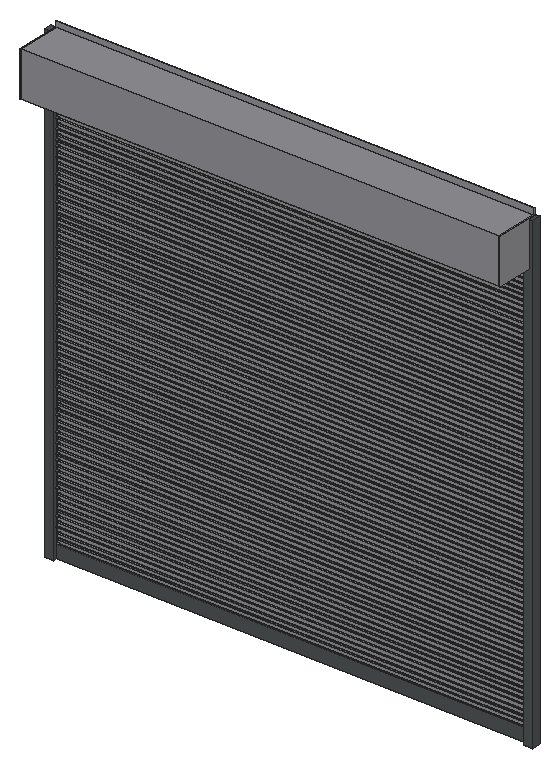
Revit family "Doors_Industrial_Overhead-Door-Corporation_Counter-Doors-650_", category Specialty Equipment, host Wall, Revit 2019 (continued)
Definition of nested family "Motor"
  Forms (in)
    Extrusion 1, solid, material <- "Main Material", visible <- "Wall Mount"
      sketch origin (0, 0, 18.8898) x (1, 0, 0) y (0, 1, 0)
        loop
          arc (3.108, -2.29347) -> (3.02315, -2.25832) -> (2.988, -2.17347) r 0.12
          line (2.988, -2.17347) -> (2.988, 4.96193) -> (-2.988, 4.96193) -> (-2.988, -2.17347)
          arc (-2.988, -2.17347) -> (-3.02315, -2.25832) -> (-3.108, -2.29347) r 0.12
          line (-3.108, -2.29347) -> (-4.134, -2.29347) -> (-4.134, -2.41307)
      from -16.64 to 0
    Extrusion 2, solid, material <- "Main Material", visible <- "Wall Mount"
      sketch origin (0, 0, 18.8898) x (1, 0, 0) y (0, 1, 0)
        loop
          line (-4.134, -2.41307) -> (-4.134, -5.05565) -> (-4.3324, -5.05565) -> (-4.3324, -5.3122)
          arc (-4.3324, -5.3122) -> (-4.24466, -5.55085) -> (-4.02324, -5.67585) r 0.36846
          arc (-4.02324, -5.67585) -> (0, -6.0017) -> (4.02324, -5.67585) r 25
          arc (4.02324, -5.67585) -> (4.24466, -5.55085) -> (4.3324, -5.3122) r 0.36846
          line (4.3324, -5.3122) -> (4.3324, -5.05565) -> (4.116, -5.05565) -> (4.116, -2.41307) -> (-4.134, -2.41307)
      from -17 to 0.35839
    Revolve 3, solid, material <- "Main Material", visible <- "Wall Mount RSX"
      sketch origin (2.0828, 5.66524, 0) x (0, -1, 0) y (1, 0, 0)
        loop
          line (5.66524, -9.0813) -> (5.66524, 3.1162) -> (4.82413, 3.1162) -> (4.82413, 2.7162) -> (4.39283, 2.7162) -> (4.39283, 2.4872) -> (2.50257, 2.4872) -> (2.50257, -6.6585) -> (3.79863, -6.6585) -> (3.79863, -7.51105) -> (3.89778, -7.6102) -> (5.36033, -7.6102) -> (5.36033, -7.8313) -> (4.69783, -7.8313) -> (4.69783, -9.0813) -> (5.66524, -9.0813)
        axis (5.66524, -9.0813) -> (5.66524, 3.1162)
      angle from 0 to 360
    Extrusion 4, solid, material <- "Main Material", visible <- "Wall Mount"
      sketch origin (0, 0, 18.8898) x (1, 0, 0) y (0, 1, 0)
        loop
          line (-2.988, 5.08193) -> (-4.988, 5.08193) -> (-4.988, 4.96193) -> (-3.108, 4.96193) -> (-3.108, 1.46193) -> (-2.988, 1.46193) -> (-2.988, 5.08193)
        loop
          line (2.988, 5.08193) -> (2.988, 1.46193) -> (3.108, 1.46193) -> (3.108, 4.96193) -> (4.988, 4.96193) -> (4.988, 5.08193) -> (2.988, 5.08193)
      from -16.64 to 1.14
    Extrusion 5, solid, material <- "Main Material", visible <- "Wall Mount"
      sketch origin (0, 0.00141, 3.59957) x (0, 0, 1) y (0, -1, 0)
        loop
          circle (2.15043, 0.00141) r 3
      from 7.52 to 7.2495
    Sweep 6, solid, material <- "Main Material", visible <- "Wall Mount"
      path origin (7.38475, 9.53, 48) x (0, 1, 0) y (0, 0, 1)
        loop
          line (-12.53, -42.25) -> (-12.53, -128)
          arc (-12.53, -128) -> (-9.53, -131) -> (-6.53, -128) r 3
          line (-6.53, -128) -> (-6.53, -42.25)
      profile origin (7.38475, -3, -37.125) x (1, 0, 0) y (0, 1, 0)
        loop
          circle (0, 0.1) r 0.1
    Extrusion 7, solid, material <- "Main Material", visible <- "Wall Mount"
      sketch origin (0, 0.00141, 3.59957) x (0, 0, 1) y (0, -1, 0)
        loop
          circle (2.15043, 0.00141) r 0.4
      from 8.82 to 0
    Extrusion 8, solid, material <- "Hood Material", visible <- "CDX"
      sketch origin (2.988, 0, 5.75) x (0, -1, 0) y (1, 0, 0)
        loop
          line (12, -10.57168) -> (12, 2.55332) -> (-4.7, 2.55332) -> (-4.7, 0.0015) -> (2, 0.0015) -> (2, -10.57168) -> (12, -10.57168)
      from 4.88 to -4.88
    Extrusion 9, solid, material <- "Main Material", visible <- "Crank"
      sketch origin (2.9895, 5.75, 5.75) x (0, 0, -1) y (0, -1, 0)
        loop
          line (-1.66535, -2.15748) -> (1.66535, -2.15748)
          arc (1.66535, -2.15748) -> (2.01891, -2.01103) -> (2.16535, -1.65748) r 0.5
          line (2.16535, -1.65748) -> (2.16535, 0.00787)
          arc (2.16535, 0.00787) -> (1.99476, 0.85032) -> (1.50984, 1.56001) r 2.16535
          line (1.50984, 1.56001) -> (1.50984, 2.29685)
          arc (1.50984, 2.29685) -> (1.43662, 2.47363) -> (1.25984, 2.54685) r 0.25
          line (1.25984, 2.54685) -> (0.24999, 3.12987)
          arc (0.24999, 3.12987) -> (0, 3.19685) -> (-0.24999, 3.12987) r 0.5
          line (-0.24999, 3.12987) -> (-1.25984, 2.54685)
          arc (-1.25984, 2.54685) -> (-1.43662, 2.47363) -> (-1.50984, 2.29685) r 0.25
          line (-1.50984, 2.29685) -> (-1.50984, 1.56001)
          arc (-1.50984, 1.56001) -> (-1.99476, 0.85032) -> (-2.16535, 0.00787) r 2.16535
          line (-2.16535, 0.00787) -> (-2.16535, -1.65748)
          arc (-2.16535, -1.65748) -> (-2.01891, -2.01103) -> (-1.66535, -2.15748) r 0.5
      from 0 to -0.5
    Extrusion 10, solid, material <- "Main Material", visible <- "Crank"
      sketch origin (2.9895, 5.75, 5.75) x (0, 0, -1) y (0, -1, 0)
        loop
          line (1.50984, 1.56001) -> (1.50984, 2.29685)
          arc (1.50984, 2.29685) -> (1.43662, 2.47363) -> (1.25984, 2.54685) r 0.25
          line (1.25984, 2.54685) -> (-1.25984, 2.54685)
          arc (-1.25984, 2.54685) -> (-1.43662, 2.47363) -> (-1.50984, 2.29685) r 0.25
          line (-1.50984, 2.29685) -> (-1.50984, 1.56001)
          arc (-1.50984, 1.56001) -> (0, -2.15748) -> (1.50984, 1.56001) r 2.16535
      from 0 to -2
    Extrusion 11, solid, material <- "Main Material", visible <- "Crank"
      sketch origin (2.9895, 4.76161, 5.75) x (0, 1, 0) y (-1, 0, 0)
        loop
          circle (-0.94004, -1.01792) r 0.24
      from 1.5 to -10.5
    Extrusion 12, solid, material <- "Main Material", visible <- "Crank"
      sketch origin (2.9895, 5.75, 5.75) x (0, 1, 0) y (0, 0, -1)
        loop
          line (-2.04434, 10.46875) -> (-1.81142, 10.46875)
          arc (-1.81142, 10.46875) -> (-1.63464, 10.54197) -> (-1.56142, 10.71875) r 0.25
          line (-1.56142, 10.71875) -> (-1.56142, 11.53125)
          arc (-1.56142, 11.53125) -> (-1.63464, 11.70803) -> (-1.81142, 11.78125) r 0.25
          line (-1.81142, 11.78125) -> (-2.04434, 11.78125)
          arc (-2.04434, 11.78125) -> (-2.22112, 11.70803) -> (-2.29434, 11.53125) r 0.25
          line (-2.29434, 11.53125) -> (-2.29434, 10.71875)
          arc (-2.29434, 10.71875) -> (-2.22112, 10.54197) -> (-2.04434, 10.46875) r 0.25
      from -1.26284 to -0.77978
    Extrusion 13, solid, not visible
      sketch origin (2.9895, -24.70572, 48) x (0, -1, 0) y (0, 0, 1)
        loop
          circle (-30.45572, -42.25) r 0.5
      from 0.5 to 0 <- "Connector MP"
  Cuts and joins
    joined: Extrusion 9, Extrusion 10, Extrusion 11
  Lines and regions (in)
    Masking region 1, visible <- "CDX"
      outline origin (0, 0, 0) x (1, 0, 0) y (0, 1, 0)
        loop
          line (-7.58368, -2) -> (-7.58368, -12) -> (5.54132, -12) -> (5.54132, 4.7) -> (2.9895, 4.7) -> (2.9895, -2) -> (-7.58368, -2)
    Masking region 2, visible <- "Crank"
      outline origin (2.9895, 5.75, 5.75) x (0, 1, 0) y (-1, 0, 0)
        loop
          line (2.15748, 0) -> (-3.1963, 0) -> (-3.1963, -0.5) -> (-2.54685, -0.5) -> (-2.54685, -2) -> (2.15748, -2) -> (2.15748, 0)
    reference lines
      curve 1: line (0, 0, 0) -> (0, 0, 18.8898)
      curve 2: line (2.9895, 5.75, 5.75) -> (2.9895, 6.5, 5.75)
    symbolic lines, visible <- "Crank"
      curve 3: line (2.9895, 4.18999, 5.75) -> (4.9895, 4.18999, 5.75)
      curve 4: line (2.9895, 3.20315, 5.75) -> (3.4895, 3.20315, 5.75)
  Dimensions and locks (in)
    Extrusion 4 sketch curve to Extrusion 4 sketch curve = 3.62"
    locked: Extrusion 4 sketch curve to Extrusion 4 sketch curve at 0.12  (x3)
    "Chain H Offset": plane 4 to plane 5
    locked: plane 7 to plane 6 at 30
    locked: Sweep 6 sketch curve to profile plane at 0
    locked: profile plane to Sweep 6 sketch curve at 0.1
    locked: Sweep 6 sketch curve to Sweep 6 sketch curve at 6
    "Floor To Cl Shaft": plane 8 to plane 6
    "Horizontal Mount": plane 1 "Center (Front/Back)" to plane 11
    "Top Option Offset": level to plane 12
    "Chain V Offset": plane 9 "Chain Hoist" to plane 12
    equal spacing: Sweep 6 sketch curve, plane 5, Sweep 6 sketch curve
    "Vertical Mount": plane 10 "Top Of Hood" to plane 12
    locked: Extrusion 2 sketch curve to Extrusion 2 sketch curve at 8.25
    locked: Extrusion 2 sketch curve to Extrusion 2 sketch curve at 2.64258
    locked: plane 3 "Center (Left/Right)" to plane 14 at 7.2495
    "Hood Mount": plane 13 "Hood Face" to plane 14
    "Hood Width Real": plane 11 to plane 15
    "Real Exterior Wall Offset": plane 15 to plane 16 "Wall"
    Revolve 3 sketch curve to Revolve 3 sketch curve to Revolve 3 sketch curve to Revolve 3 sketch curve to Revolve 3 sketch curve to Revolve 3 sketch curve to Revolve 3 sketch curve = 1 1/4" locked, 0.2211" locked, 0.9517" locked, 9.1457" locked, 0.229" locked, 0.4" locked
    Revolve 3 sketch curve to Revolve 3 sketch curve to Revolve 3 sketch curve to Revolve 3 sketch curve to Revolve 3 sketch curve to Revolve 3 sketch curve to Revolve 3 sketch curve to Revolve 3 sketch curve = 0.30491" locked, 0.53619" locked, 0.12631" locked, 0.305" locked, 0.49505" locked, 0.09915" locked, 1.29606" locked
    locked: Extrusion 1 sketch curve to Extrusion 1 sketch curve at 0.1196
    locked: Extrusion 1 sketch curve to Extrusion 1 sketch curve at 5.976
    equal spacing: Extrusion 1 sketch curve, curve 1, Extrusion 1 sketch curve
    locked: curve 1 to Extrusion 1 sketch curve at 2.41307
    locked: Extrusion 1 sketch curve to Extrusion 1 sketch curve at 7.375
    equal spacing: Extrusion 4 sketch curve, curve 1, Extrusion 4 sketch curve
    locked: Extrusion 4 sketch curve to curve 1 at 1.46193
    locked: Revolve 3 sketch curve to plane 3 "Center (Left/Right)" at 4.5757
    locked: Extrusion 4 sketch curve to Extrusion 4 sketch curve at 5.976
    locked: Extrusion 4 sketch curve to Extrusion 4 sketch curve at 2
    locked: Extrusion 4 sketch curve to Extrusion 4 sketch curve at 1.88
    locked: Extrusion 1 sketch curve to Extrusion 1 sketch curve at 1.128
    locked: Extrusion 1 sketch curve to Extrusion 1 sketch curve at 1.146
    locked: curve 1 to Extrusion 2 sketch curve at 2.41307
    locked: Extrusion 8 sketch curve to Extrusion 8 sketch curve at 13.125
    locked: Extrusion 8 sketch curve to Extrusion 8 sketch curve at 2.55182
    locked: Extrusion 8 sketch curve to Extrusion 8 sketch curve at 16.7
    locked: Extrusion 8 sketch curve to curve 1 at 2
    locked: Extrusion 8 sketch curve to Extrusion 8 sketch curve at 10
    equal spacing: plane 1 "Center (Front/Back)", plane 17, plane 15
    "Hood Height": plane 10 "Top Of Hood" to plane 18
    equal spacing: plane 10 "Top Of Hood", plane 19, plane 18
    locked: curve 2 to curve 2 at 0.75
    "Connector VP": plane 10 "Top Of Hood" to Extrusion 13 sketch curve
    "Connector HP": Extrusion 13 sketch curve to plane 16 "Wall"
    radius of Extrusion 5 sketch curve = 3"
    radius of Sweep 6 sketch curve = 3"
    radius of Sweep 6 sketch curve = 0.1"
    radius of Extrusion 7 sketch curve = 0.4"
    radius of Extrusion 2 sketch curve = 0.36846"  (x2)
    radius of Extrusion 1 sketch curve = 0.12"  (x2)
    radius of Extrusion 2 sketch curve = 25"
    "Angle": angle curve 1 to plane 1 "Center (Front/Back)"
    angle Extrusion 2 sketch curve to Extrusion 2 sketch curve = 90.00°
    locked: Extrusion 2 sketch curve to Extrusion 2 sketch curve (angle 90.00°)
    aligned and locked: plane 2 to level
    aligned and locked: Revolve 3 sketch curve to Revolve 3 sketch curve
    aligned and locked: plane 1 "Center (Front/Back)" to curve 1
    aligned and locked: level to curve 1
    aligned and locked: plane 1 "Center (Front/Back)" to plane 4
    aligned and locked: Extrusion 4 sketch curve to Extrusion 4 sketch curve  (x3)
    aligned and locked: plane 7 to Sweep 6 sketch curve  (x2)
    aligned and locked: plane 8 to Sweep 6 sketch curve  (x2)
    aligned and locked: plane 5 to Extrusion 5 sketch curve
    aligned and locked: plane 9 "Chain Hoist" to Extrusion 5 sketch curve
    aligned and locked: plane 5 to Extrusion 7 sketch curve
    aligned and locked: plane 9 "Chain Hoist" to Extrusion 7 sketch curve
    aligned and locked: plane 8 to plane 9 "Chain Hoist"
    aligned and locked: Extrusion 2 sketch curve to Extrusion 2 sketch curve
    aligned and locked: Extrusion 1 sketch curve to Extrusion 1 sketch curve
    aligned and locked: plane 4 to nested 1
    aligned and locked: plane 3 "Center (Left/Right)" to nested 1
    aligned and locked: Masking region 1 sketch curve to Extrusion 8  (x6)
    aligned and locked: Extrusion 8 sketch curve to plane 13 "Hood Face"
    aligned and locked: plane 17 to curve 2
    aligned and locked: curve 2 to plane 19
  Automatic sketch dimensions
    plane 1 "Center (Front/Back)" to Revolve 3 sketch curve = 0"
    Revolve 3 sketch curve to Revolve 3 sketch curve = 0.09915"
    Revolve 3 sketch curve to Revolve 3 sketch curve = 4.7892"
    Revolve 3 sketch curve to plane 14 = 1.9628"
    Extrusion 2 sketch curve to plane 3 "Center (Left/Right)" = 0"
    Extrusion 2 sketch curve to Extrusion 2 sketch curve = 0.1984"
    Extrusion 2 sketch curve to Extrusion 2 sketch curve = 0.15206"
    Extrusion 2 sketch curve to Extrusion 2 sketch curve = 0.25654"
    Extrusion 2 sketch curve to Extrusion 2 sketch curve = 0"  (x2)
    Extrusion 2 sketch curve to Extrusion 2 sketch curve = 0.0593"
    Extrusion 9 sketch curve to Extrusion 9 sketch curve = 0"  (x2)
    curve 2 to Extrusion 9 sketch curve = 0"  (x2)
    curve 2 to Extrusion 9 sketch curve = 1/4"
    Extrusion 9 sketch curve to Extrusion 9 sketch curve = 1.00985"  (x2)
    Extrusion 9 sketch curve to Extrusion 9 sketch curve = 1/4"  (x2)
    Extrusion 9 sketch curve to curve 2 = 1.66535"
    Extrusion 9 sketch curve to Extrusion 9 sketch curve = 1/2"
    Extrusion 9 sketch curve to curve 2 = 1/4"
    curve 2 to Extrusion 9 sketch curve = 1.66535"
    curve 2 to Extrusion 9 sketch curve = 2.16535"
    Extrusion 9 sketch curve to curve 2 = 1.40748"
    curve 2 to Extrusion 9 sketch curve = 0.00787"
    Extrusion 9 sketch curve to Extrusion 9 sketch curve = 0.73684"  (x2)
    Extrusion 9 sketch curve to Extrusion 9 sketch curve = 0.15"
    Extrusion 9 sketch curve to Extrusion 9 sketch curve = 0.43302"
    curve 2 to Extrusion 10 sketch curve = 0"
    curve 2 to Extrusion 10 sketch curve = 1.25984"
    Extrusion 10 sketch curve to Extrusion 10 sketch curve = 1/4"  (x2)
    Extrusion 10 sketch curve to curve 2 = 1.25984"
    curve 2 to Extrusion 10 sketch curve = 0.00787"
    curve 2 to Extrusion 10 sketch curve = 1.56001"
    Extrusion 10 sketch curve to Extrusion 10 sketch curve = 0.73684"
    Extrusion 10 sketch curve to Extrusion 10 sketch curve = 0"
    Extrusion 11 sketch curve to curve 2 = 1.92843"
    Extrusion 11 sketch curve to curve 2 = 1.01792"
    Extrusion 12 sketch curve to curve 2 = 2.29434"
    Extrusion 12 sketch curve to Extrusion 12 sketch curve = 1/4"  (x3)
    Extrusion 12 sketch curve to Extrusion 12 sketch curve = 0.23293"  (x2)
    curve 2 to Extrusion 12 sketch curve = 10 15/32"
    Extrusion 12 sketch curve to Extrusion 12 sketch curve = 13/16"
    Masking region 2 sketch curve to curve 2 = 0"
    Masking region 2 sketch curve to curve 2 = 2.54685"
    curve 2 to Masking region 2 sketch curve = 1.40748"
    curve 2 to Masking region 2 sketch curve = 1/2"
    Masking region 2 sketch curve to Masking region 2 sketch curve = 0.64945"
    Masking region 2 sketch curve to Masking region 2 sketch curve = 1 1/2"
    curve 4 to curve 2 = 0"
    curve 3 to curve 2 = 0"
    curve 4 to curve 2 = 2.54685"
    curve 3 to curve 2 = 1.56001"
    curve 2 to curve 4 = 1/2"
    curve 3 to curve 2 = 2"
    radius of Extrusion 11 sketch curve = 0.24"
    radius of Extrusion 13 sketch curve = 1/2"
  Nested families (in)
    nested 1: "2D_NotScalableMain_29e791da-3db9-4234-ab15-44456784202b" at (0, 0, 0), type "Default"
      with Wall Mount RMX no, Wall Mount no
  Definition of nested family "2D_NotScalableMain_29e791da-3db9-4234-ab15-44456784202b"
    Parameters (values of type "Default")
      Wall Mount RMX = yes
      Wall Mount RSX = no
      Wall Mount = yes
    Reference planes (in)
      plane 1 "Center (Front/Back)": y = 0
      plane 2: z = 0
      plane 3 "Center (Left/Right)": x = 0
    Lines and regions (in)
      Masking region 1, in view "Ref. Level", visible <- "Wall Mount RSX"
        outline origin (0, 0, 0) x (1, 0, 0) y (0, 1, 0)
          loop
            line (-6.9985, -0.96741) -> (-5.7485, -0.96741) -> (-5.7485, -0.30491) -> (-5.5274, -0.30491) -> (-5.5274, -1.76746) -> (-5.42825, -1.86661) -> (-4.5757, -1.86661) -> (-4.5757, -3.22517) -> (-4.134, -3.22517) -> (-4.134, -5.05565) -> (-4.3324, -5.05565) -> (-4.3324, -5.3122)
            arc (-4.3324, -5.3122) -> (-4.24466, -5.55085) -> (-4.02324, -5.67585) r 0.36846
            arc (-4.02324, -5.67585) -> (0, -6.0017) -> (4.02324, -5.67585) r 25
            arc (4.02324, -5.67585) -> (4.24466, -5.55085) -> (4.3324, -5.3122) r 0.36846
            line (4.3324, -5.3122) -> (4.3324, -5.05565) -> (4.116, -5.05565) -> (4.116, -3.22517) -> (4.57, -3.22517) -> (4.57, -1.27241) -> (4.799, -1.27241) -> (4.799, -0.84111) -> (5.199, -0.84111) -> (5.199, 0.77483) -> (7.2495, 0.77483) -> (7.2495, -1.81) -> (7.52, -1.81) -> (7.52, 0.79) -> (8.82, 0.79) -> (8.82, 1.59) -> (7.52, 1.59) -> (7.52, 4.19) -> (7.2495, 4.19) -> (7.2495, 1.59) -> (4.57, 1.59) -> (4.57, 3.22517) -> (3.108, 3.22517) -> (3.108, 4.96193) -> (4.988, 4.96193) -> (4.988, 5.08193) -> (2.988, 5.08193) -> (2.988, 4.96193) -> (-2.988, 4.96193) -> (-2.988, 5.08193) -> (-4.988, 5.08193) -> (-4.988, 4.96193) -> (-3.108, 4.96193) -> (-3.108, 3.22517) -> (-4.5757, 3.22517) -> (-4.5757, 1.86661) -> (-5.42825, 1.86661) -> (-5.5274, 1.76746) -> (-5.5274, 0.30491) -> (-5.7485, 0.30491) -> (-5.7485, 0.96741) -> (-6.9985, 0.96741) -> (-6.9985, -0.96741)
      Masking region 2, in view "Ref. Level", visible <- "Wall Mount"
        outline origin (0, 0, 0) x (1, 0, 0) y (0, 1, 0)
          loop
            line (-4.988, 4.96193) -> (-3.108, 4.96193) -> (-3.108, 1.46193) -> (-2.988, 1.46193) -> (-2.988, 5.08193) -> (-4.988, 5.08193) -> (-4.988, 4.96193)
          loop
            line (2.988, 1.46193) -> (3.108, 1.46193) -> (3.108, 4.96193) -> (4.988, 4.96193) -> (4.988, 5.08193) -> (2.988, 5.08193) -> (2.988, 1.46193)
      Masking region 3, in view "Ref. Level", visible <- "Wall Mount RMX"
        outline origin (0, 0, 0) x (1, 0, 0) y (0, 1, 0)
          loop
            line (-2.988, 4.96193) -> (-2.988, -2.17347)
            arc (-2.988, -2.17347) -> (-3.02315, -2.25832) -> (-3.108, -2.29347) r 0.12
            line (-3.108, -2.29347) -> (-4.134, -2.29347) -> (-4.134, -5.05565) -> (-4.3324, -5.05565) -> (-4.3324, -5.3122)
            arc (-4.3324, -5.3122) -> (-4.24466, -5.55085) -> (-4.02324, -5.67585) r 0.36846
            arc (-4.02324, -5.67585) -> (0, -6.0017) -> (4.02324, -5.67585) r 25
            arc (4.02324, -5.67585) -> (4.24466, -5.55085) -> (4.3324, -5.3122) r 0.36846
            line (4.3324, -5.3122) -> (4.3324, -5.05565) -> (4.116, -5.05565) -> (4.116, -2.29347) -> (3.108, -2.29347)
            arc (3.108, -2.29347) -> (3.02315, -2.25832) -> (2.988, -2.17347) r 0.12
            line (2.988, -2.17347) -> (2.988, 0.77483) -> (7.2495, 0.77483) -> (7.2495, -1.81) -> (7.52, -1.81) -> (7.52, 0.79) -> (8.82, 0.79) -> (8.82, 1.59) -> (7.52, 1.59) -> (7.52, 4.19) -> (7.2495, 4.19) -> (7.2495, 1.59) -> (3.108, 1.59) -> (3.108, 1.46193) -> (2.988, 1.46193) -> (2.988, 4.96193) -> (-2.988, 4.96193)
      reference lines, in view "Ref. Level"
        curve 1: line (0, 0, 0) -> (0, 0.125, 0)
        curve 2: line (0, 0, 0) -> (0.125, 0, 0)
      detail lines, in view "Ref. Level", visible <- "Wall Mount"
        curve 3: line (7.2495, 4.19, 0) -> (7.2495, -1.81, 0)
        curve 4: line (7.52, 4.19, 0) -> (7.52, -1.81, 0)
        curve 5: line (-4.134, -2.29347, 0) -> (-4.134, -5.05565, 0)
        curve 6: line (4.116, -2.29347, 0) -> (4.116, -5.05565, 0)
        curve 7: line (-4.134, -2.41307, 0) -> (4.116, -2.41307, 0)
        curve 8: line (4.116, -2.29347, 0) -> (3.108, -2.29347, 0)
        curve 9: line (2.988, -2.17347, 0) -> (2.988, 4.96193, 0)
        curve 10: line (2.988, 4.96193, 0) -> (-2.988, 4.96193, 0)
        curve 11: line (-2.988, 4.96193, 0) -> (-2.988, -2.17347, 0)
        curve 12: arc (-2.988, -2.17347, 0) -> (-3.02315, -2.25832, 0) -> (-3.108, -2.29347, 0) r 0.12
        curve 13: arc (3.108, -2.29347, 0) -> (3.02315, -2.25832, 0) -> (2.988, -2.17347, 0) r 0.12
        curve 21: line (-4.134, -2.29347, 0) -> (-3.108, -2.29347, 0)
      detail lines, in view "Ref. Level", not visible
        curve 14: line (4.57, -3.22517, 0) -> (4.57, 0.77483, 0)
        curve 15: line (4.799, -1.27241, 0) -> (4.799, 0.77483, 0)
      detail lines, in view "Ref. Level", visible <- "Wall Mount RSX"
        curve 16: line (5.199, -0.84111, 0) -> (5.199, 0.77483, 0)
        curve 17: line (-4.5757, -3.22517, 0) -> (-4.5757, 3.22517, 0)
        curve 18: line (-5.42825, -1.86661, 0) -> (-5.42825, 1.86661, 0)
        curve 19: line (-5.5274, 1.76746, 0) -> (-5.5274, -1.76746, 0)
        curve 20: line (-5.7485, -0.96741, 0) -> (-5.7485, 0.96741, 0)
        curve 22: line (5.199, 0.77483, 0) -> (2.988, 0.77483, 0)
        curve 23: line (4.57, 1.59, 0) -> (3.108, 1.59, 0)
        curve 24: line (-4.5757, -3.22517, 0) -> (-4.5757, 3.22517, 0)
        curve 25: line (-5.42825, 1.86661, 0) -> (-5.42825, -1.86661, 0)
        curve 26: line (-5.5274, 1.76746, 0) -> (-5.5274, -1.76746, 0)
        curve 27: line (-5.7485, -0.96741, 0) -> (-5.7485, 0.96741, 0)
        curve 28: line (4.57, 3.22517, 0) -> (4.57, 1.59, 0)
        curve 29: line (4.799, 0.77483, 0) -> (4.799, -1.22759, 0)
    Dimensions and locks (in)
      curve 1 to curve 1 = 1/8"
      curve 2 to curve 2 = 1/8"
      aligned and locked: plane 1 "Center (Front/Back)" to curve 1
      aligned and locked: plane 3 "Center (Left/Right)" to curve 1
      aligned and locked: plane 1 "Center (Front/Back)" to curve 2
Definition of nested family "Label Annotation 1"
  Parameters (values of type "Label Annotation 1-8")
    Label = "Area is too big. Please reduce Door Size."
  Reference planes (in)
    plane 1: y = 0
    plane 2: x = 0
  Text (in)
    label "Label" at (0.00375, -0.00345, 0), shows "Label"
Definition of nested family "Warning Sign"
  Parameters (values of type "Warning Sign")
    Warning Sign [instance] = no
    Default Elevation = 48"
  Reference planes (in)
    plane 1 "Center (Front/Back)": y = 0
    plane 2: z = 0
    plane 3 "Center (Left/Right)": x = 0
    plane 4: y = 0.5
    plane 5: y = -0.5
    plane 6: y = 1
    plane 7: y = 0.25
  Lines and regions (in)
    model lines
      curve 1: line (-2.26129, 1, 45.69444) -> (-26.3817, 1, 3.91667)
      curve 2: line (-25.25106, 1, 3.26389) -> (-1.13064, 1, 45.04167)
      curve 3: arc (2.26129, 1, 45.69444) -> (0, 1, 47) -> (-2.26129, 1, 45.69444) r 2.61111
      curve 4: arc (-1.13064, 1, 45.04167) -> (0, 1, 45.69444) -> (1.13064, 1, 45.04167) r 1.30556
      curve 5: line (1.13064, 1, 45.04167) -> (25.25106, 1, 3.26389)
      curve 6: line (26.3817, 1, 3.91667) -> (2.26129, 1, 45.69444)
      curve 7: arc (25.25106, 1, 3.26389) -> (25.25106, 1, 1.95833) -> (24.12041, 1, 1.30556) r 1.30556
      curve 8: arc (24.12041, 1, 0) -> (26.3817, 1, 1.30556) -> (26.3817, 1, 3.91667) r 2.61111
      curve 9: line (24.12041, 1, 1.30556) -> (-24.12041, 1, 1.30556)
      curve 10: line (-24.12041, 1, 0) -> (24.12041, 1, 0)
      curve 11: arc (-24.12041, 1, 1.30556) -> (-25.25106, 1, 1.95833) -> (-25.25106, 1, 3.26389) r 1.30556
      curve 12: arc (-26.3817, 1, 3.91667) -> (-26.3817, 1, 1.30556) -> (-24.12041, 1, 0) r 2.61111
      curve 13: arc (-2.29479, 1, 8.63537) -> (0, 1, 6.34057) -> (2.29479, 1, 8.63537) r 2.29479
      curve 14: arc (2.29479, 1, 8.63537) -> (0, 1, 10.93016) -> (-2.29479, 1, 8.63537) r 2.29479
      curve 15: arc (-1.6331, 1, 13.97069) -> (0.03439, 1, 12.53727) -> (1.69278, 1, 13.98121) r 1.68043
      curve 16: line (-3.77413, 1, 28.37873) -> (-1.6331, 1, 13.97069)
      curve 17: line (1.69278, 1, 13.98121) -> (3.73924, 1, 28.37873)
      curve 18: arc (3.73924, 1, 28.37873) -> (-0.01745, 1, 32.13541) -> (-3.77413, 1, 28.37873) r 3.75668
      curve 19: line (-2.26129, -0.5, 45.69444) -> (-26.3817, -0.5, 3.91667)
      curve 20: line (-25.25106, -0.5, 3.26389) -> (-1.13064, -0.5, 45.04167)
      curve 21: arc (2.26129, -0.5, 45.69444) -> (0, -0.5, 47) -> (-2.26129, -0.5, 45.69444) r 2.61111
      curve 22: arc (-1.13064, -0.5, 45.04167) -> (0, -0.5, 45.69444) -> (1.13064, -0.5, 45.04167) r 1.30556
      curve 23: line (1.13064, -0.5, 45.04167) -> (25.25106, -0.5, 3.26389)
      curve 24: line (26.3817, -0.5, 3.91667) -> (2.26129, -0.5, 45.69444)
      curve 25: arc (25.25106, -0.5, 3.26389) -> (25.25106, -0.5, 1.95833) -> (24.12041, -0.5, 1.30556) r 1.30556
      curve 26: arc (24.12041, -0.5, 0) -> (26.3817, -0.5, 1.30556) -> (26.3817, -0.5, 3.91667) r 2.61111
      curve 27: line (24.12041, -0.5, 1.30556) -> (-24.12041, -0.5, 1.30556)
      curve 28: line (-24.12041, -0.5, 0) -> (24.12041, -0.5, 0)
      curve 29: arc (-24.12041, -0.5, 1.30556) -> (-25.25106, -0.5, 1.95833) -> (-25.25106, -0.5, 3.26389) r 1.30556
      curve 30: arc (-26.3817, -0.5, 3.91667) -> (-26.3817, -0.5, 1.30556) -> (-24.12041, -0.5, 0) r 2.61111
      curve 31: arc (-2.29479, -0.5, 8.63537) -> (0, -0.5, 6.34057) -> (2.29479, -0.5, 8.63537) r 2.29479
      curve 32: arc (2.29479, -0.5, 8.63537) -> (0, -0.5, 10.93016) -> (-2.29479, -0.5, 8.63537) r 2.29479
      curve 33: arc (-1.6331, -0.5, 13.97069) -> (0.03439, -0.5, 12.53727) -> (1.69278, -0.5, 13.98121) r 1.68043
      curve 34: line (-3.77413, -0.5, 28.37873) -> (-1.6331, -0.5, 13.97069)
      curve 35: line (1.69278, -0.5, 13.98121) -> (3.73924, -0.5, 28.37873)
      curve 36: arc (3.73924, -0.5, 28.37873) -> (-0.01745, -0.5, 32.13541) -> (-3.77413, -0.5, 28.37873) r 3.75668
  Dimensions and locks (in)
    locked: plane 1 "Center (Front/Back)" to plane 4 at 0.5
    equal spacing: plane 1 "Center (Front/Back)", plane 7, plane 4
    locked: plane 4 to plane 6 at 0.5
    locked: plane 5 to plane 1 "Center (Front/Back)" at 0.5
    aligned and locked: plane 2 to level
  Automatic sketch dimensions
    curve 21 to curve 22 = 0"  (x2)
    curve 25 to curve 26 = 0"  (x2)
    curve 29 to curve 30 = 0"  (x2)
    curve 31 to curve 32 = 0"  (x2)
    curve 21 to plane 3 "Center (Left/Right)" = 0"
    curve 31 to plane 3 "Center (Left/Right)" = 0"
    curve 30 to level = 0"
    level to curve 27 = 1.30556"
    curve 26 to curve 27 = 1.30556"
    curve 29 to curve 27 = 1.30556"
    curve 23 to curve 25 = 0.65278"
    curve 20 to curve 29 = 0.65278"
    curve 24 to curve 23 = 0.65278"
    curve 19 to curve 20 = 0.65278"
    level to curve 32 = 8.63537"
    curve 34 to plane 3 "Center (Left/Right)" = 1.6331"
    curve 34 to curve 31 = 5.33532"
    plane 3 "Center (Left/Right)" to curve 35 = 1.69278"
    curve 35 to curve 34 = 0.01052"
    plane 3 "Center (Left/Right)" to curve 33 = 0.02908"
    curve 36 to plane 3 "Center (Left/Right)" = 0.01745"
    curve 36 to curve 33 = 14.16104"
    curve 22 to curve 36 = 16.01016"
    plane 3 "Center (Left/Right)" to curve 23 = 1.13064"
    curve 23 to curve 21 = 0.65278"
    curve 20 to plane 3 "Center (Left/Right)" = 1.13064"
    plane 3 "Center (Left/Right)" to curve 24 = 2.26129"
    curve 24 to curve 22 = 0.65278"
    curve 19 to plane 3 "Center (Left/Right)" = 2.26129"
    curve 34 to curve 36 = 3.75668"
    curve 30 to plane 3 "Center (Left/Right)" = 24.12041"
    plane 3 "Center (Left/Right)" to curve 25 = 24.12041"
    curve 31 to curve 31 = 2.29479"
    curve 3 to curve 4 = 0"  (x2)
    curve 7 to curve 8 = 0"  (x2)
    curve 11 to curve 12 = 0"  (x2)
    curve 13 to curve 14 = 0"  (x2)
    curve 3 to plane 3 "Center (Left/Right)" = 0"
    curve 13 to plane 3 "Center (Left/Right)" = 0"
    curve 12 to level = 0"
    level to curve 9 = 1.30556"
    curve 8 to curve 9 = 1.30556"
    curve 11 to curve 9 = 1.30556"
    curve 5 to curve 7 = 0.65278"
    curve 2 to curve 11 = 0.65278"
    curve 6 to curve 5 = 0.65278"
    curve 1 to curve 2 = 0.65278"
    level to curve 14 = 8.63537"
    curve 16 to plane 3 "Center (Left/Right)" = 1.6331"
    curve 16 to curve 13 = 5.33532"
    plane 3 "Center (Left/Right)" to curve 17 = 1.69278"
    curve 17 to curve 16 = 0.01052"
    plane 3 "Center (Left/Right)" to curve 15 = 0.02908"
    curve 18 to plane 3 "Center (Left/Right)" = 0.01745"
    curve 18 to curve 15 = 14.16104"
    curve 4 to curve 18 = 16.01016"
    plane 3 "Center (Left/Right)" to curve 5 = 1.13064"
    curve 5 to curve 3 = 0.65278"
    curve 2 to plane 3 "Center (Left/Right)" = 1.13064"
    plane 3 "Center (Left/Right)" to curve 6 = 2.26129"
    curve 6 to curve 4 = 0.65278"
    curve 1 to plane 3 "Center (Left/Right)" = 2.26129"
    curve 16 to curve 18 = 3.75668"
    curve 12 to plane 3 "Center (Left/Right)" = 24.12041"
    plane 3 "Center (Left/Right)" to curve 7 = 24.12041"
    curve 13 to curve 13 = 2.29479"
Types (9): name | Voltage | Operator Visibility | Number of Poles | Frequency | Electric Operator | Crank | Manual | Current | Connector Array | Apparent Load Phase 3 | Apparent Load Phase 2 | Apparent Load Phase 1
  115 volts, one phase, 60 Hz (110-120V range) | 115 V | yes | 1 | 60 Hz | yes | no | no | 20 A | 3 | 0 VA | 0 VA | 2300 VA
  ‏​Manual push-up | 0 V | no | 1 | 0 Hz | no | no | yes | 0 A | 2 | 0 VA | 0 VA | 0 VA
  230 volts, three phase, 60 Hz (208-245V range) | 230 V | yes | 3 | 60 Hz | yes | no | no | 20 A | 3 | 2655.81 VA | 2655.81 VA | 2655.81 VA
  230 volts, one phase, 60 Hz (208-245V range) | 230 V | yes | 1 | 60 Hz | yes | no | no | 20 A | 3 | 0 VA | 0 VA | 4600 VA
  460 volts, three phase, 60 Hz (456-495V range) | 460 V | yes | 3 | 60 Hz | yes | no | no | 20 A | 3 | 5311.62 VA | 5311.62 VA | 5311.62 VA
  208 volts, one phase, 60 Hz (190-207V range) | 208 V | yes | 1 | 60 Hz | yes | no | no | 20 A | 3 | 0 VA | 0 VA | 4160 VA
  208 volts, three phase, 60 Hz (190-207V range) | 208 V | yes | 3 | 60 Hz | yes | no | no | 20 A | 3 | 2401.78 VA | 2401.78 VA | 2401.78 VA
  575 volts, three phase, 60 Hz | 575 V | yes | 3 | 60 Hz | yes | no | no | 20 A | 3 | 6639.53 VA | 6639.53 VA | 6639.53 VA
  Manual crank | 0 V | yes | 1 | 0 Hz | no | yes | no | 0 A | 3 | 0 VA | 0 VA | 0 VA
